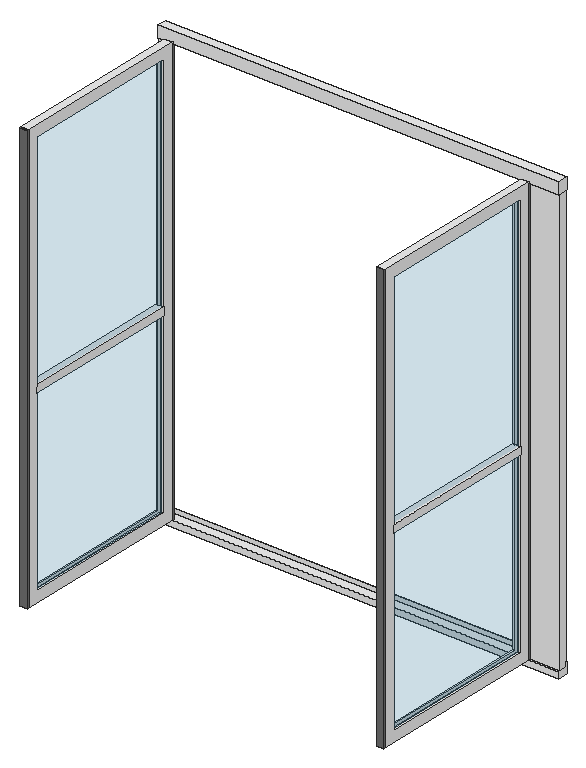
Revit family "Window-NanaWall-HSW-45", category Windows, host Wall, Revit 2013
Parameters (values of type "Window_HSW45_NanaWall")
  Y N Override Stack [instance] = no
  Y N Override Number of Panels [instance] = no
  Warranty URL = "http://www.nanawall.com/support/warranty"
  URL = "http://www.nanawall.com/design/autocad"
  Thickness = 0' - 1 3/8"
  Subcategory = "Folding Window"  # constant formula
  Stack Thickness = 0' - 8 1/4"
  Split Stack Right [instance] = 6
  Split Stack [instance] = no
  Size Comment [instance] = ""
  Size Chart [instance] = "http://www.nanawall.com/products/hsw45/sizes"
  Single Right Stack [instance] = if(and(Y N Override Stack, Left Stack), 1 = 0, if(Right Standard = 1, 1 = 1, if(and(C Split Stack, Split Stack Right = 1), 1 = 1, 1 = 0)))  # yes
  Single Panel [instance] = if(and(Closed, Width < 3' 3 1/16"), 1 = 1, if(Width > 3' 3", 1 = 0, 1 = 0))  # no
  Single Left Stack [instance] = if(and(not(Y N Override Stack), (Left Standard = 1)), 1 = 1, if(and(Y N Override Stack, Left Stack, (Panels = 1)), 1 = 1, (if(and(C Split Stack, Split Stack Right = Panels - 1), 1 = 1, 1 = 0))))  # yes
  Sills Available = "Raised, Low Profile Saddle, Flush"  # constant formula
  Sash = Metal - NanaWall - Aluminum
  Rough Width = Width - (2 * (0' 1 141/256"))  # 5' - 8 115/128"
  Rough Height = Height Constraint - 0' 1 125/128"  # 6' - 6 3/128"
  Right Standard [instance] = roundup(Panels / 2)  # 1
  Right Stack Width [instance] = RS C * Thickness  # 0' - 2 3/4"
  Right Stack [instance] = no
  RS C [instance] = if(RS = 1, 2, if(RS = 0, 2, if(C Split Stack, Split Stack Right, RS)))  # 2
  RS [instance] = if(Not Override Stack, Right Standard, if(C Right Stack, Panels, if(C Left Stack, 2, if(C Split Stack, Split Stack Right, 2))))  # 1
  Product Page URL = "http://www.nanawall.com/products/hsw45"
  Performance URL = "http://www.nanawall.com/products/hsw45/performance"
  Panels [instance] = if(Y N Override Number of Panels, Override Number of Panels, Panel Constraint)  # 2
  Panel Width [instance] = Opening Width / Panels  # 2' - 8.73633"
  Panel Height = Height Constraint - 0' 1 125/128"  # 6' - 6 3/128"
  Panel Constraint [instance] = if(Width < 3' 3", 1, if(Width < 6' 10", 2, if(Width < 9' 2", 3, if(Width < 11' 5", 4, if(Width < 13' 10", 5, if(Width < 16' 0", 6, if(Width < 18' 4", 7, if(Width < 20' 7", 8, if(Width < 22' 10", 10, if(Width < 33' 0", 11, if(Width < 36' 0", 12, if(Width < 39' 0", 13, if(Width < 42' 0", 14, if(Width < 45' 0", 15, if(Width < 48' 0", 16, if(Width < 51' 0", 17, if(Width < 54' 0", 18, if(Width < 57' 0", 19, if(Width < 60' 0", 20, 21)))))))))))))))))))  # 2
  Override Number of Panels [instance] = 4
  Opening Width = Width - (0' 1 45/256" + 0' 5 45/128")  # 5' - 5 121/256"
  Open Right Single [instance] = if(and(Open, Single Right Stack), 1 = 1, 1 = 0)  # yes
  Open Right Multi [instance] = if(and(Open, Multiple Right Stack), 1 = 1, 1 = 0)  # no
  Open Left Single [instance] = if(and(Open, Single Left Stack), 1 = 1, 1 = 0)  # yes
  Open Left Multi [instance] = if(and(Open, Multiple Left Stack), 1 = 1, 1 = 0)  # no
  Open [instance] = yes
  Not Override Stack [instance] = not(Y N Override Stack)  # yes
  NanaWall Configurator = "http://www.nanawall.com/content/select-wizard"
  Multiple Right Stack [instance] = if(Width < 3' 3 1/16", 1 = 0, if(and(Right Standard < 1.5, Not Override Stack), 1 = 0, if(and(Right Standard > 1, Not Override Stack), 1 = 1, (if(and(C Split Stack, Split Stack Right > 1), 1 = 1, if(C Right Stack, 1 = 1, 1 = 0))))))  # no
  Multiple Panel [instance] = if(and(Open, Width > 3' 3 1/16"), 1 = 0, if(and(Closed, Width > 3' 3 1/16"), 1 = 1, if(Width < 3' 3", 1 = 0, 1 = 1)))  # no
  Multiple Left Stack [instance] = if(Left Standard < 1, 1 = 0, if(and(Left Standard > 1, Not Override Stack), 1 = 1, (if(and(C Split Stack, Split Stack Right < Panels - 1), 1 = 1, if(C Left Stack, 1 = 1, 1 = 0)))))  # no
  Model = "HSW45"  # constant formula
  Max Panel Height = if(Panel Height > 10' 2", 10' 2", Panel Height)  # 6' - 6 3/128"
  Material = ""
  Manufacturer Toll Free Phone = "(888) 411-NANA(6262)"  # constant formula
  Manufacturer Phone = "(415) 383-3148"  # constant formula
  Manufacturer Fax = "(415) 383-0312"  # constant formula
  Manufacturer Email = "mailto:info@nanawall.com"
  Manufacturer Address = "100 Meadowcreek Drive #250, Corte Madera, CA 94925"  # constant formula
  Manufacturer = "NanaWall Systems, Inc."  # constant formula
  Left Standard [instance] = rounddown(Panels / 2)  # 1
  Left Stack Width [instance] = LS C * Thickness  # 0' - 2 3/4"
  Left Stack [instance] = no
  LS C [instance] = if(LS = 1, 2, if(LS = 0, 2, if(C Split Stack, Panels - Split Stack Right, LS)))  # 2
  LS [instance] = if(Not Override Stack, Left Standard, if(C Left Stack, Panels, if(C Right Stack, 2, if(C Split Stack, Panels - Split Stack Right, 2))))  # 1
  Installation and Service URL = "http://www.nanawall.com/support/installer"
  Horizontal Mullion Height = 3' - 0"
  Height Constraint = if(Height < 3' 3", 3' 3", if(Height > 10' 2", 10' 2", Height))  # 6' - 8"
  Height = 6' - 8"
  Wall Closure = By host
  Width = 6' - 0"
  Half Panel Width [instance] = Panel Width / 2  # 1' - 4.36816"
  Glazing Options = "http://www.nanawall.com/products/hsw45/glass"
  Glass Material = Glass - NanaWall - Generic
  Filler = Rubber - NanaWall - Black
  Exterior Wall Offset = 0' - 3"
  Engineering Details URL = "http://www.nanawall.com/products/vsw35/component"
  Disclaimer = "Please note that the Revit model is for schematic purposes only.  To obtain a detailed 3D model, please go to the NanaWall's configurator at www.nanawall.com."  # constant formula
  Description = "Standard Aluminum Framed Single Track Sliding System"  # constant formula
  Cost Info = "http://www.nanawall.com/design-wizard"
  Closed [instance] = not(Open)  # no
  Clearance On [instance] = yes
  C Split Stack [instance] = if(and(Y N Override Stack, Split Stack), 1 = 1, if(Right Stack, 1 = 0, if(Left Stack, 1 = 0, 1 = 0)))  # no
  C Right Stack [instance] = if(and(Y N Override Stack, Right Stack), 1 = 1, if(Left Stack, 1 = 0, if(Split Stack, 1 = 0, 1 = 1)))  # yes
  C Panels [instance] = if(Panels < 2, 2, Panels)  # 2
  C Left Stack [instance] = if(and(Y N Override Stack, Left Stack), 1 = 1, if(Right Stack, 1 = 0, if(Split Stack, 1 = 0, 1 = 0)))  # no
  Assembly Code = "B2030110"
  95 CSI = "8411"  # constant formula
  04 CSI = "08 41 13"  # constant formula
Reference planes (in)
  plane 1 "Center (Front/Back)": y = 0
  plane 2 "Center (Left/Right)": x = 0
  plane 3 "Left": x = -36
  plane 4 "Right": x = 36
  plane 5 "Top": z = 80
  plane 6: z = 78.02476
  plane 7 "Top Edge Of Sill": z = 1.16503
  plane 8: z = 40
  plane 9: x = 34.44922
  plane 10: x = 27.89727
  plane 11: y = 0
  plane 12: x = 30.64727
  plane 13: x = -34.8253
  plane 14: y = -0.6875
  plane 15: x = -32.0753
Lines and regions (in)
  Opening 1
    outline origin (-90, -3, 0) x (1, 0, 0) y (0, 0, 1)
      loop
        line (54, 0) -> (126, 0) -> (126, 80) -> (54, 80) -> (54, 0)
  symbolic lines, visible <- "Clearance On"
    curve 1: line (-34.8253, -33.42383, 80) -> (-34.8253, -0.6875, 80)
    curve 2: line (30.64727, -33.42383, 80) -> (-34.8253, -33.42383, 80)
    curve 3: line (30.64727, -0.6875, 80) -> (30.64727, -33.42383, 80)
  symbolic lines
    curve 4: line (-36, 0.74861, 80) -> (36, 0.74861, 80)
    curve 5: line (-36, -0.6875, 80) -> (36, -0.6875, 80)
    curve 6: line (-34.8253, -0.6875, 80) -> (-34.8253, 0.74861, 80)
    curve 7: line (30.64727, -0.6875, 80) -> (30.64727, 0.74861, 80)
Text (in)
  text "Exterior" at (-74.96733, 27.31104, 0), in view "Ref. Level"
  text "Interior" at (-74.96733, -25.14366, 0), in view "Ref. Level"
  text "Exterior" at (0, 40.15149, 123.01588), in view "Right"
  text "Interior" at (0, -64.39139, 123.01588), in view "Right"
  text "Interior" at (0, -31.01599, 123.00693), in view "Left"
  text "Exterior" at (0, 54.57065, 123.00693), in view "Left"
Dimensions and locks (in)
  "Height Constraint": level to plane 5 "Top"
  "Width": plane 3 "Left" to plane 4 "Right"
  equal spacing: plane 3 "Left", plane 2 "Center (Left/Right)", plane 4 "Right"
  locked: level to plane 7 "Top Edge Of Sill" at 1.16503
  locked: plane 6 to plane 5 "Top" at 1.97524
  equal spacing: level, plane 8, plane 5 "Top"
  locked: plane 9 to plane 4 "Right" at 1.55078
  host wall to host wall = 14' - 8"
  plane 9 to plane 4 "Right" = 0' - 1 141/256"
  "Right Stack Width": plane 10 to plane 12
  "Exterior Wall Offset": host wall to plane 11
  group 2 to group 1 = 0' - 1 3/8"
  group 1 to group 2 = 0' - 0"  (x2)
  locked: plane 12 to plane 4 "Right" at 5.35273
  locked: plane 3 "Left" to plane 13 at 1.1747
  group 3 to group 4 = 2' - 8.73625"
  group 3 to group 4 = 0' - 0"  (x2)
  plane 11 to plane 14 = 0' - 0 11/16"
  nested 7 to plane 4 "Right" = 0' - 0"
  locked: nested 1 to plane 11 at 0.03125
  "Left Stack Width": plane 13 to plane 15
  group 5 to group 6 = 0' - 1 3/8"
  group 5 to group 6 = 0' - 0"  (x2)
  group 7 to group 8 = 0' - 1 3/8"
  group 7 to group 8 = 0' - 0"  (x2)
  group 10 to group 9 = 0' - 1 3/8"
  group 9 to group 10 = 0' - 0"
  group 10 to group 9 = 0' - 0"
  "Panel Width": curve 2 to plane 14
  curve 5 to plane 11 to curve 4 = 0' - 0 11/16" locked, 0' - 0.74861" locked
  aligned and locked: plane 3 "Left" to Opening 1 sketch curve
  aligned and locked: plane 5 "Top" to Opening 1 sketch curve  (x2)
  aligned and locked: Opening 1 sketch curve to plane 4 "Right"
  aligned and locked: Opening 1 sketch curve to level
  aligned and locked: plane 13 to nested 3
  aligned and locked: nested 5 to plane 12
  aligned and locked: nested 3 to plane 11
  aligned and locked: plane 3 "Left" to nested 6
  aligned and locked: plane 11 to nested 6
  aligned and locked: plane 4 "Right" to nested 7
  aligned and locked: nested 2 to plane 14
  aligned and locked: nested 4 to plane 14
  aligned and locked: plane 5 "Top" to nested 1
  aligned and locked: nested 7 to plane 11
  aligned and locked: nested 5 to plane 11
  aligned and locked: nested 4 to plane 10
  aligned and locked: nested 2 to plane 12
  aligned and locked: nested 8 to plane 14
  aligned and locked: plane 13 to nested 8
  aligned and locked: nested 9 to plane 15
  aligned and locked: nested 9 to plane 14
  aligned and locked: nested 11 to plane 14
  aligned and locked: plane 13 to nested 11
  aligned and locked: nested 10 to plane 14
  aligned and locked: nested 10 to plane 12
  aligned and locked: plane 14 to nested 12
  aligned and locked: nested 12 to plane 13
  aligned and locked: nested 16 to plane 15
  aligned and locked: plane 14 to nested 16
  aligned and locked: plane 14 to nested 14
  aligned and locked: nested 14 to plane 13
  aligned and locked: plane 14 to nested 13
  aligned and locked: nested 13 to plane 12
  aligned and locked: plane 10 to nested 17
  aligned and locked: plane 14 to nested 17
  aligned and locked: plane 14 to nested 15
  aligned and locked: nested 15 to plane 12
  aligned and locked: curve 1 to plane 13
  aligned and locked: plane 12 to curve 3
  aligned and locked: nested 18 to plane 13
  aligned and locked: nested 18 to plane 11
  aligned and locked: plane 3 "Left" to curve 4
  aligned and locked: plane 4 "Right" to curve 4
  aligned and locked: plane 4 "Right" to curve 5
  aligned and locked: nested 1 to curve 5
  aligned and locked: plane 15 to nested 9
  aligned and locked: nested 11 to plane 13
  aligned and locked: nested 6 to plane 7 "Top Edge Of Sill"
  aligned and locked: plane 7 "Top Edge Of Sill" to nested 7
  aligned and locked: nested 14 to plane 7 "Top Edge Of Sill"
  aligned and locked: nested 12 to plane 7 "Top Edge Of Sill"
  aligned and locked: nested 16 to plane 7 "Top Edge Of Sill"
  aligned and locked: nested 18 to plane 7 "Top Edge Of Sill"
  aligned and locked: nested 3 to plane 7 "Top Edge Of Sill"
  aligned and locked: nested 15 to plane 7 "Top Edge Of Sill"
  aligned and locked: nested 17 to plane 7 "Top Edge Of Sill"
  aligned and locked: nested 13 to plane 7 "Top Edge Of Sill"
Automatic sketch dimensions
  curve 7 to plane 12 = 0' - 0"
  curve 6 to plane 13 = 0' - 0"
Nested families (in)
  nested 1: "Header_VSW 35" at (7.30207, 0.03125, 0), type "Header_VSW 35"
    with Width 6' - 0"
  nested 2: "DetailItem_Panel" at (29.9145, -15.3955, 0), visible <- "Multiple Right Stack", type "DetailItem_Panel"
    with Panel Thickness 0' - 1 3/8", Panel Width 2' - 8.73633"
  nested 3: "Sash_VSW 35" at (-18.46948, 7.70117, 0.32881), visible <- "Multiple Panel", type "Sash_VSW 35"
  nested 4: "DetailItem_Panel" at (28.5395, -15.3955, 0), visible <- "Multiple Right Stack", type "DetailItem_Panel"
    with Panel Thickness 0' - 1 3/8", Panel Width 2' - 8.73633"
  nested 5: "Sash_VSW 35" at (14.26676, 7.70117, 0.32881), visible <- "Multiple Panel", type "Sash_VSW 35"
  nested 6: "Left-Jamb_VSW 35" at (-32.73117, 0, 0.18847) x (-1, 0, 0) z (0, 0, 1), type "Left-Jamb_VSW 35"
    with Height 6' - 6 3/128"
  nested 7: "Right-Jamb_VSW 35" at (0, 5.59752, 0.18847), type "Right-Jamb_VSW 35"
    with Width 6' - 0", Height 6' - 6 3/128"
  nested 8: "DetailItem_Panel" at (-34.18308, -15.3955, 0), visible <- "Multiple Left Stack", type "DetailItem_Panel"
    with Panel Thickness 0' - 1 3/8", Panel Width 2' - 8.73633"
  nested 9: "DetailItem_Panel" at (-32.80808, -15.3955, 0), visible <- "Multiple Left Stack", type "DetailItem_Panel"
    with Panel Thickness 0' - 1 3/8", Panel Width 2' - 8.73633"
  nested 10: "DetailItem_Panel" at (29.9145, -15.3955, 0), visible <- "Single Right Stack", type "DetailItem_Panel"
    with Panel Thickness 0' - 1 3/8", Panel Width 2' - 8.73633"
  nested 11: "DetailItem_Panel" at (-34.18308, -15.3955, 0), visible <- "Single Left Stack", type "DetailItem_Panel"
    with Panel Thickness 0' - 1 3/8", Panel Width 2' - 8.73633"
  nested 12: "Sash_VSW 35" at (-26.43663, -17.04332, 0.32881) x (0, -1, 0) z (0, 0, 1), visible <- "Open Left Multi", type "Sash_VSW 35"
  nested 13: "Sash_VSW 35" at (37.66095, -17.04332, 0.32881) x (0, -1, 0) z (0, 0, 1), visible <- "Open Right Multi", type "Sash_VSW 35"
  nested 14: "Sash_VSW 35" at (-26.43663, -17.04332, 0.32881) x (0, -1, 0) z (0, 0, 1), visible <- "Open Left Single", type "Sash_VSW 35"
  nested 15: "Sash_VSW 35" at (37.66095, -17.04332, 0.32881) x (0, -1, 0) z (0, 0, 1), visible <- "Open Right Single", type "Sash_VSW 35"
  nested 16: "Sash_VSW 35" at (-25.06163, -17.04332, 0.32881) x (0, -1, 0) z (0, 0, 1), visible <- "Open Left Multi", type "Sash_VSW 35"
  nested 17: "Sash_VSW 35" at (36.28595, -17.04332, 0.32881) x (0, -1, 0) z (0, 0, 1), visible <- "Open Right Multi", type "Sash_VSW 35"
  nested 18: "Sash_VSW 35" at (-2.10132, 7.70117, 0.32881), visible <- "Single Panel", type "Sash_VSW 35 Full"
Definition of nested family "Header_VSW 35"
  Parameters (values of type "Header_VSW 35")
    half = yes
    Width = 7' - 6"
    Sill = Metal - NanaWall - Aluminum
    Height = 6' - 8"
    Header = Metal - NanaWall - Aluminum
    Assembly Code = ""
  Reference planes (in)
    plane 1 "Center (Front/Back)": y = 0
    plane 2: z = 0
    plane 3 "Center (Left/Right)": x = -7.30207
    plane 4 "Left": x = -52.30207
    plane 5 "Right": x = 37.69793
    plane 6 "Top": z = 80
  Forms (in)
    Extrusion 1, solid, material "Metal - NanaWall - Aluminum" <- "Header"
      sketch origin (-7.30207, 0, 0) x (0, 1, 0) y (0, 0, 1)
        loop
          line (-0.84971, 80) -> (-0.84971, 78.02476) -> (0.92801, 78.02476) -> (0.92801, 80) -> (-0.84971, 80)
      from -45 to 45
  Dimensions and locks (in)
    equal spacing: plane 4 "Left", plane 3 "Center (Left/Right)", plane 5 "Right"
    "Width": plane 4 "Left" to plane 5 "Right"
    "Height": plane 6 "Top" to level
    aligned: nested 1 to plane 6 "Top"
    aligned and locked: Extrusion 1 to plane 4 "Left"
    aligned and locked: plane 5 "Right" to Extrusion 1
    aligned and locked: nested 1 to plane 6 "Top"
    aligned and locked: plane 3 "Center (Left/Right)" to nested 2
  Automatic sketch dimensions
    plane 1 "Center (Front/Back)" to Extrusion 1 sketch curve = 0' - 0.84971"
    Extrusion 1 sketch curve to plane 6 "Top" = 0' - 1.97524"
    Extrusion 1 sketch curve to plane 1 "Center (Front/Back)" = 0' - 0.92801"
    Extrusion 1 sketch curve to plane 6 "Top" = 0' - 0"
  Nested families (in)
    nested 1: "Head_WD66" at (-52.30207, 0.03125, 80) x (0, 1, 0) z (1, 0, 0), type "Head_WD66", detail levels fine
    nested 2: "Sill_WD-66" at (0, 0.03125, 0), type "Sill_WD-66"
      with Width 7' - 6"
  Definition of nested family "Sill_WD-66"
    Parameters (values of type "Sill_WD-66")
      Width = 8' - 0"
      Sill = Metal - NanaWall - Aluminum
      Height = 0' - 0"
      Half = yes
      Assembly Code = ""
    Reference planes (in)
      plane 1 "Center (Front/Back)": y = 0
      plane 2: z = 0
      plane 3 "Center (Left/Right)": x = -7.30207
      plane 4 "Left": x = -55.30207
      plane 5 "Right": x = 40.69793
      plane 6 "Top": z = 0
      plane 7: y = -0.6875
      plane 8: y = 0.6875
    Forms (in)
      Extrusion 1, solid, material "Metal - NanaWall - Aluminum" <- "Sill"
        sketch origin (-7.30207, 0, 0) x (0, 1, 0) y (0, 0, 1)
          loop
            line (-0.86528, 0) -> (0.88472, 0) -> (0.88472, 1.16503) -> (-0.74861, 1.16503) -> (-0.74861, 1.94396) -> (-0.86528, 1.94396) -> (-0.86528, 0)
        from -48 to 48
    Dimensions and locks (in)
      equal spacing: plane 4 "Left", plane 3 "Center (Left/Right)", plane 5 "Right"
      "Width": plane 4 "Left" to plane 5 "Right"
      "Height": plane 6 "Top" to level
      aligned and locked: nested 1 to plane 1 "Center (Front/Back)"
      aligned and locked: nested 1 to level
      aligned and locked: Extrusion 1 to plane 4 "Left"
      aligned and locked: plane 5 "Right" to Extrusion 1
    Automatic sketch dimensions
      Extrusion 1 sketch curve to level = 0' - 0"
      plane 1 "Center (Front/Back)" to Extrusion 1 sketch curve = 0' - 0.86528"
      Extrusion 1 sketch curve to Extrusion 1 sketch curve = 0' - 0.11667"
      Extrusion 1 sketch curve to plane 1 "Center (Front/Back)" = 0' - 0.88472"
      level to Extrusion 1 sketch curve = 0' - 1.16503"
      Extrusion 1 sketch curve to Extrusion 1 sketch curve = 0' - 0.77893"
    Nested families (in)
      nested 1: "Sill_WD66" at (-55.30207, 0, 0) x (0, 1, 0) z (1, 0, 0), type "Head_WD66", detail levels fine
    Definition of nested family "Sill_WD66"
      Parameters (values of type "Head_WD66")
        SmartBIM Object Version = 1  # constant formula
        SmartBIM Object Created By = "Reed Construction Data"  # constant formula
        Half = yes
        Assembly Code = ""
        95 CSI = ""
        04 CSI = ""
      Reference planes (in)
        plane 1 "Center (Front/Back)": y = 0
        plane 2: z = 0
        plane 3 "Center (Left/Right)": x = 0
      Lines and regions (in)
        detail lines, in view "Ref. Level"
          curve 1: line (74.99091, 77.11953, 0) -> (99.99091, 77.11953, 0)
        model lines, style "0", in view "Ref. Level"
          curve 2: arc (-0.41806, 1.43111, 0) -> (-0.40894, 1.40911, 0) -> (-0.38694, 1.4, 0) r 0.03111
          curve 3: arc (-0.38889, 1.43889, 0) -> (-0.31612, 1.46678, 0) -> (-0.28062, 1.53615, 0) r 0.10889
          curve 4: arc (-0.22916, 1.78267, 0) -> (-0.26099, 1.66068, 0) -> (-0.28062, 1.53615, 0) r 1.27556
          curve 5: arc (-0.20869, 1.82, 0) -> (-0.22077, 1.80234, 0) -> (-0.22916, 1.78267, 0) r 0.10889
          curve 6: arc (0.2486, 1.78267, 0) -> (0.24021, 1.80234, 0) -> (0.22813, 1.82, 0) r 0.10889
          curve 7: arc (0.30007, 1.53615, 0) -> (0.28043, 1.66068, 0) -> (0.2486, 1.78267, 0) r 1.27556
          curve 8: arc (0.30007, 1.53615, 0) -> (0.33556, 1.46678, 0) -> (0.40833, 1.43889, 0) r 0.10889
          curve 9: arc (0.40639, 1.4, 0) -> (0.42839, 1.40911, 0) -> (0.4375, 1.43111, 0) r 0.03111
          curve 10: line (-0.14583, 1.4, 0) -> (-0.14583, 1.38056, 0)
          curve 11: line (0.02993, 1.75, 0) -> (0.00972, 1.73833, 0)
          curve 12: line (0.00972, 1.73833, 0) -> (-0.01049, 1.75, 0)
          curve 13: line (-0.01049, 1.75, 0) -> (0.02993, 1.75, 0)
          curve 14: line (-0.18472, 1.75, 0) -> (-0.18472, 1.83299, 0)
          curve 15: line (-0.18472, 1.83299, 0) -> (0.20417, 1.83299, 0)
          curve 16: line (0.20417, 1.83299, 0) -> (0.14583, 1.86667, 0)
          curve 17: line (0.14583, 1.86667, 0) -> (-0.12639, 1.86667, 0)
          curve 18: line (-0.12639, 1.86667, 0) -> (-0.18472, 1.83299, 0)
          curve 19: line (0.16528, 1.4, 0) -> (0.16528, 1.38056, 0)
          curve 20: line (0.20417, 1.83299, 0) -> (0.20417, 1.75, 0)
          curve 21: line (-0.38694, 1.4, 0) -> (-0.01049, 1.4, 0)
          curve 22: line (-0.01049, 1.4, 0) -> (0.02993, 1.4, 0)
          curve 23: line (0.02993, 1.4, 0) -> (-0.01049, 1.4, 0)
          curve 24: line (-0.01049, 1.4, 0) -> (0.00972, 1.41167, 0)
          curve 25: line (0.00972, 1.41167, 0) -> (0.02993, 1.4, 0)
          curve 26: line (0.02993, 1.4, 0) -> (0.40639, 1.4, 0)
          curve 27: line (-0.41806, 1.43889, 0) -> (-0.41806, 1.43111, 0)
          curve 28: line (0.42346, 1.43889, 0) -> (0.40833, 1.43889, 0)
          curve 29: line (-0.20869, 1.82, 0) -> (-0.18861, 1.82, 0)
          curve 30: line (-0.18861, 1.82, 0) -> (-0.18861, 1.75, 0)
          curve 31: line (-0.18861, 1.75, 0) -> (-0.01049, 1.75, 0)
          curve 32: line (-0.01049, 1.75, 0) -> (0.02993, 1.75, 0)
          curve 33: line (0.02993, 1.75, 0) -> (0.20806, 1.75, 0)
          curve 34: line (0.20806, 1.75, 0) -> (0.20806, 1.82, 0)
          curve 35: line (0.20806, 1.82, 0) -> (0.22813, 1.82, 0)
          curve 36: line (0.4375, 1.43111, 0) -> (0.4375, 1.43889, 0)
          curve 37: line (-0.27222, 1.38056, 0) -> (-0.27222, 0.75833, 0)
          curve 38: line (-0.27222, 0.75833, 0) -> (0.29167, 0.75833, 0)
          curve 39: line (0.29167, 0.75833, 0) -> (0.29167, 1.38056, 0)
          curve 40: line (0.29167, 1.38056, 0) -> (-0.27222, 1.38056, 0)
          curve 41: arc (-0.79917, 0.105, 0) -> (-0.78778, 0.0775, 0) -> (-0.76028, 0.06611, 0) r 0.03889
          curve 42: arc (-0.76716, 0.21081, 0) -> (-0.79011, 0.19748, 0) -> (-0.79917, 0.17253, 0) r 0.03889
          curve 43: arc (-0.19639, 0.06611, 0) -> (-0.16889, 0.0775, 0) -> (-0.1575, 0.105, 0) r 0.03889
          curve 44: arc (-0.1575, 0.27395, 0) -> (-0.17144, 0.30378, 0) -> (-0.20327, 0.31223, 0) r 0.03889
          curve 45: arc (-0.30139, 0.7, 0) -> (-0.28764, 0.7057, 0) -> (-0.28194, 0.71944, 0) r 0.01944
          curve 46: arc (-0.34806, 0.71944, 0) -> (-0.34236, 0.7057, 0) -> (-0.32861, 0.7, 0) r 0.01944
          curve 47: arc (-0.79917, 1.28333, 0) -> (-0.765, 1.20084, 0) -> (-0.6825, 1.16667, 0) r 0.11667
          curve 48: arc (-0.76028, 1.10056, 0) -> (-0.78778, 1.08917, 0) -> (-0.79917, 1.06167, 0) r 0.03889
          curve 49: arc (-0.75922, 1.94396, 0) -> (-0.83478, 1.90643, 0) -> (-0.86528, 1.82778, 0) r 0.11667
          curve 50: arc (-0.74861, 1.93428, 0) -> (-0.75178, 1.94146, 0) -> (-0.75922, 1.94396, 0) r 0.00972
          curve 51: arc (-0.34806, 1.06167, 0) -> (-0.35945, 1.08917, 0) -> (-0.38694, 1.10056, 0) r 0.03889
          curve 52: arc (-0.28194, 1.05, 0) -> (-0.31612, 1.1325, 0) -> (-0.39861, 1.16667, 0) r 0.11667
          curve 53: arc (0.52306, 0.64882, 0) -> (0.56846, 0.55644, 0) -> (0.66934, 0.53598, 0) r 0.11667
          curve 54: arc (0.17694, 0.105, 0) -> (0.18833, 0.0775, 0) -> (0.21583, 0.06611, 0) r 0.03889
          curve 55: arc (0.20895, 0.38637, 0) -> (0.186, 0.37304, 0) -> (0.17694, 0.34809, 0) r 0.03889
          curve 56: arc (0.42494, 0.49239, 0) -> (0.44789, 0.50571, 0) -> (0.45694, 0.53066, 0) r 0.03889
          curve 57: arc (0.3675, 0.805, 0) -> (0.37889, 0.7775, 0) -> (0.40639, 0.76611, 0) r 0.03889
          curve 58: arc (0.30139, 0.71944, 0) -> (0.30708, 0.7057, 0) -> (0.32083, 0.7, 0) r 0.01944
          curve 59: arc (0.45694, 0.66111, 0) -> (0.44555, 0.68861, 0) -> (0.41806, 0.7, 0) r 0.03889
          curve 60: arc (0.52306, 0.72722, 0) -> (0.51167, 0.75472, 0) -> (0.48417, 0.76611, 0) r 0.03889
          curve 61: arc (0.77972, 0.06611, 0) -> (0.80722, 0.0775, 0) -> (0.81861, 0.105, 0) r 0.03889
          curve 62: arc (0.7226, 0.54592, 0) -> (0.79144, 0.58591, 0) -> (0.81861, 0.66074, 0) r 0.11667
          curve 63: arc (0.67831, 0.53796, 0) -> (0.67381, 0.53705, 0) -> (0.66934, 0.53598, 0) r 0.11667
          curve 64: arc (0.81861, 0.44951, 0) -> (0.80467, 0.47934, 0) -> (0.77284, 0.48779, 0) r 0.03889
          curve 65: arc (0.41806, 1.16667, 0) -> (0.33556, 1.1325, 0) -> (0.30139, 1.05, 0) r 0.11667
          curve 66: arc (0.40639, 1.08889, 0) -> (0.37889, 1.0775, 0) -> (0.3675, 1.05, 0) r 0.03889
          curve 67: arc (0.88472, 1.05, 0) -> (0.85716, 1.12531, 0) -> (0.7875, 1.16503, 0) r 0.11667
          curve 68: arc (0.81861, 1.05, 0) -> (0.80985, 1.0746, 0) -> (0.7875, 1.0881, 0) r 0.03889
          curve 69: line (0.55454, 1.48556, 0) -> (0.56402, 1.16712, 0)
          curve 70: line (0.50398, 1.48556, 0) -> (0.50398, 1.16667, 0)
          curve 71: line (0.52343, 1.48556, 0) -> (0.53299, 1.16712, 0)
          curve 72: line (0.48454, 1.48556, 0) -> (0.47498, 1.16667, 0)
          curve 73: line (0.45343, 1.48556, 0) -> (0.44378, 1.16667, 0)
          curve 74: line (0.41065, 1.48556, 0) -> (0.41065, 1.51667, 0)
          curve 75: line (0.41065, 1.51667, 0) -> (0.59732, 1.51667, 0)
          curve 76: line (0.59732, 1.51667, 0) -> (0.59732, 1.48556, 0)
          curve 77: line (0.59732, 1.48556, 0) -> (0.41065, 1.48556, 0)
          curve 78: line (-0.77583, 1.85306, 0) -> (-0.77583, 1.66639, 0)
          curve 79: line (-0.77583, 1.66639, 0) -> (-0.81472, 1.66639, 0)
          curve 80: line (-0.81472, 1.66639, 0) -> (-0.81472, 1.85306, 0)
          curve 81: line (-0.81472, 1.85306, 0) -> (-0.77583, 1.85306, 0)
          curve 82: line (-0.65917, 1.75972, 0) -> (-0.77583, 1.75972, 0)
          curve 83: line (-0.77583, 1.75972, 0) -> (-0.65917, 1.73915, 0)
          curve 84: line (-0.77583, 1.72023, 0) -> (-0.65917, 1.69966, 0)
          curve 85: line (-0.77583, 1.73998, 0) -> (-0.65917, 1.71941, 0)
          curve 86: line (-0.77583, 1.75972, 0) -> (-0.65917, 1.78029, 0)
          curve 87: line (-0.77583, 1.77947, 0) -> (-0.65917, 1.80004, 0)
          curve 88: line (-0.77583, 1.79921, 0) -> (-0.65917, 1.81978, 0)
          curve 89: line (-0.79917, 0.31345, 0) -> (-0.86528, 0.31345, 0)
          curve 90: line (-0.79917, 0.49866, 0) -> (-0.86528, 0.49866, 0)
          curve 91: line (-0.28194, 1.05, 0) -> (-0.28194, 0.71944, 0)
          curve 92: line (-0.34806, 1.06167, 0) -> (-0.34806, 0.71944, 0)
          curve 93: line (-0.76028, 0.06611, 0) -> (-0.67083, 0.06611, 0)
          curve 94: line (-0.67083, 0.06611, 0) -> (-0.68855, 0, 0)
          curve 95: line (-0.68855, 0, 0) -> (-0.86528, 0, 0)
          curve 96: line (-0.86528, 0, 0) -> (-0.86528, 1.82778, 0)
          curve 97: line (-0.20327, 0.31223, 0) -> (-0.76716, 0.21081, 0)
          curve 98: line (-0.79917, 0.17253, 0) -> (-0.79917, 0.105, 0)
          curve 99: line (-0.1575, 0.105, 0) -> (-0.1575, 0.27395, 0)
          curve 100: line (-0.06611, 0.32667, 0) -> (-0.06611, 0.30711, 0)
          curve 101: line (-0.06611, 0.30711, 0) -> (-0.09139, 0.29556, 0)
          curve 102: line (-0.09139, 0.29556, 0) -> (-0.05736, 0.28, 0)
          curve 103: line (-0.05736, 0.28, 0) -> (-0.09139, 0.26444, 0)
          curve 104: line (-0.09139, 0.26444, 0) -> (-0.05736, 0.24889, 0)
          curve 105: line (-0.05736, 0.24889, 0) -> (-0.09139, 0.23333, 0)
          curve 106: line (-0.09139, 0.23333, 0) -> (-0.05736, 0.21778, 0)
          curve 107: line (-0.05736, 0.21778, 0) -> (-0.09139, 0.20222, 0)
          curve 108: line (-0.09139, 0.20222, 0) -> (-0.05736, 0.18667, 0)
          curve 109: line (-0.05736, 0.18667, 0) -> (-0.09139, 0.17111, 0)
          curve 110: line (-0.09139, 0.17111, 0) -> (-0.05736, 0.15556, 0)
          curve 111: line (-0.05736, 0.15556, 0) -> (-0.09139, 0.14, 0)
          curve 112: line (-0.09139, 0.14, 0) -> (-0.05736, 0.12444, 0)
          curve 113: line (-0.05736, 0.12444, 0) -> (-0.09139, 0.10889, 0)
          curve 114: line (-0.09139, 0.10889, 0) -> (-0.05736, 0.09333, 0)
          curve 115: line (-0.05736, 0.09333, 0) -> (-0.09139, 0.07778, 0)
          curve 116: line (-0.09139, 0.07778, 0) -> (-0.05736, 0.06222, 0)
          curve 117: line (-0.05736, 0.06222, 0) -> (-0.09139, 0.04667, 0)
          curve 118: line (-0.09139, 0.04667, 0) -> (-0.05736, 0.03111, 0)
          curve 119: line (-0.05736, 0.03111, 0) -> (-0.09139, 0.01556, 0)
          curve 120: line (-0.09139, 0.01556, 0) -> (-0.09139, 0, 0)
          curve 121: line (-0.09139, 0, 0) -> (-0.36145, 0, 0)
          curve 122: line (-0.36145, 0, 0) -> (-0.37917, 0.06611, 0)
          curve 123: line (-0.37917, 0.06611, 0) -> (-0.19639, 0.06611, 0)
          curve 124: line (-0.32861, 0.7, 0) -> (-0.30139, 0.7, 0)
          curve 125: line (-0.6825, 1.16667, 0) -> (-0.39861, 1.16667, 0)
          curve 126: line (-0.76028, 1.10056, 0) -> (-0.38694, 1.10056, 0)
          curve 127: line (-0.79917, 1.28333, 0) -> (-0.79917, 1.61389, 0)
          curve 128: line (-0.79917, 1.61389, 0) -> (-0.74861, 1.61389, 0)
          curve 129: line (-0.74861, 1.61389, 0) -> (-0.74861, 1.69944, 0)
          curve 130: line (-0.74861, 1.69944, 0) -> (-0.77583, 1.69944, 0)
          curve 131: line (-0.77583, 1.69944, 0) -> (-0.77583, 1.65278, 0)
          curve 132: line (-0.77583, 1.65278, 0) -> (-0.82639, 1.65278, 0)
          curve 133: line (-0.82639, 1.65278, 0) -> (-0.82639, 1.86667, 0)
          curve 134: line (-0.82639, 1.86667, 0) -> (-0.77583, 1.86667, 0)
          curve 135: line (-0.77583, 1.86667, 0) -> (-0.77583, 1.82, 0)
          curve 136: line (-0.77583, 1.82, 0) -> (-0.74861, 1.82, 0)
          curve 137: line (-0.74861, 1.82, 0) -> (-0.74861, 1.93428, 0)
          curve 138: line (0.30139, 1.05, 0) -> (0.30139, 0.71944, 0)
          curve 139: line (0.81861, 1.05, 0) -> (0.81861, 0.66074, 0)
          curve 140: line (0.3675, 1.05, 0) -> (0.3675, 0.805, 0)
          curve 141: line (0.77284, 0.48779, 0) -> (0.20895, 0.38637, 0)
          curve 142: line (0.17694, 0.105, 0) -> (0.17694, 0.34809, 0)
          curve 143: line (0.21583, 0.06611, 0) -> (0.39861, 0.06611, 0)
          curve 144: line (0.39861, 0.06611, 0) -> (0.3809, 0, 0)
          curve 145: line (0.3809, 0, 0) -> (0.11083, 0, 0)
          curve 146: line (0.11083, 0, 0) -> (0.07681, 0.01556, 0)
          curve 147: line (0.07681, 0.01556, 0) -> (0.11083, 0.03111, 0)
          curve 148: line (0.11083, 0.03111, 0) -> (0.07681, 0.04667, 0)
          curve 149: line (0.07681, 0.04667, 0) -> (0.11083, 0.06222, 0)
          curve 150: line (0.11083, 0.06222, 0) -> (0.07681, 0.07778, 0)
          curve 151: line (0.07681, 0.07778, 0) -> (0.11083, 0.09333, 0)
          curve 152: line (0.11083, 0.09333, 0) -> (0.07681, 0.10889, 0)
          curve 153: line (0.07681, 0.10889, 0) -> (0.11083, 0.12444, 0)
          curve 154: line (0.11083, 0.12444, 0) -> (0.07681, 0.14, 0)
          curve 155: line (0.07681, 0.14, 0) -> (0.11083, 0.15556, 0)
          curve 156: line (0.11083, 0.15556, 0) -> (0.07681, 0.17111, 0)
          curve 157: line (0.07681, 0.17111, 0) -> (0.11083, 0.18667, 0)
          curve 158: line (0.11083, 0.18667, 0) -> (0.07681, 0.20222, 0)
          curve 159: line (0.07681, 0.20222, 0) -> (0.11083, 0.21778, 0)
          curve 160: line (0.11083, 0.21778, 0) -> (0.07681, 0.23333, 0)
          curve 161: line (0.07681, 0.23333, 0) -> (0.11083, 0.24889, 0)
          curve 162: line (0.11083, 0.24889, 0) -> (0.07681, 0.26444, 0)
          curve 163: line (0.07681, 0.26444, 0) -> (0.11083, 0.28, 0)
          curve 164: line (0.42494, 0.49239, 0) -> (0.03343, 0.42197, 0)
          curve 165: line (0.03343, 0.42197, 0) -> (0.00972, 0.39826, 0)
          curve 166: line (0.00972, 0.39826, 0) -> (-0.00676, 0.41474, 0)
          curve 167: line (-0.00676, 0.41474, 0) -> (-0.79917, 0.27222, 0)
          curve 168: line (-0.79917, 0.27222, 0) -> (-0.79917, 1.06167, 0)
          curve 169: line (0.11083, 0.28, 0) -> (0.07681, 0.29556, 0)
          curve 170: line (0.07681, 0.29556, 0) -> (0.11083, 0.31111, 0)
          curve 171: line (0.11083, 0.31111, 0) -> (0.08556, 0.32267, 0)
          curve 172: line (0.08556, 0.32667, 0) -> (0.0175, 0.32667, 0)
          curve 173: line (0.0175, 0.32667, 0) -> (0.00972, 0.33444, 0)
          curve 174: line (0.00972, 0.33444, 0) -> (0.00194, 0.32667, 0)
          curve 175: line (0.00194, 0.32667, 0) -> (-0.06611, 0.32667, 0)
          curve 176: line (0.45694, 0.66111, 0) -> (0.45694, 0.53066, 0)
          curve 177: line (0.32083, 0.7, 0) -> (0.41806, 0.7, 0)
          curve 178: line (0.52306, 0.72722, 0) -> (0.52306, 0.64882, 0)
          curve 179: line (0.40639, 0.76611, 0) -> (0.48417, 0.76611, 0)
          curve 180: line (0.81861, 0.44951, 0) -> (0.81861, 0.105, 0)
          curve 181: line (0.88472, 1.05, 0) -> (0.88472, 0, 0)
          curve 182: line (0.88472, 0, 0) -> (0.70799, 0, 0)
          curve 183: line (0.70799, 0, 0) -> (0.69028, 0.06611, 0)
          curve 184: line (0.69028, 0.06611, 0) -> (0.77972, 0.06611, 0)
          curve 185: line (0.7226, 0.54592, 0) -> (0.67831, 0.53796, 0)
          curve 186: line (0.40639, 1.08889, 0) -> (0.51528, 1.08889, 0)
          curve 187: line (0.51528, 1.08889, 0) -> (0.51528, 1.16667, 0)
          curve 188: line (0.51528, 1.16667, 0) -> (0.41806, 1.16667, 0)
          curve 189: line (0.7875, 1.16503, 0) -> (0.7875, 1.0881, 0)
          curve 190: line (0.6875, 3.34444, 0) -> (0.6875, 2.56667, 0)
          curve 191: line (0.6875, 2.56667, 0) -> (0.6875, 3.34444, 0)
          curve 192: line (0.6875, 3.34444, 0) -> (0.6875, 2.56667, 0)
          curve 193: line (0.6875, 2.56667, 0) -> (0.6875, 3.37639, 0)
          curve 194: line (-0.595, 2.76111, 0) -> (0.41611, 2.56667, 0)
          curve 195: line (0.41611, 2.56667, 0) -> (-0.595, 2.56667, 0)
          curve 196: line (-0.595, 2.76111, 0) -> (0.41611, 2.76111, 0)
          curve 197: line (0.41611, 2.76111, 0) -> (-0.595, 2.56667, 0)
          curve 198: line (0.41611, 2.56667, 0) -> (0.41611, 2.76111, 0)
          curve 199: line (0.61444, 2.54722, 0) -> (0.61444, 3.29, 0)
          curve 200: arc (-0.12612, 1.86667, 0) -> (-0.19529, 1.84395, 0) -> (-0.23752, 1.78464, 0) r 0.11667
          curve 201: arc (-0.12612, 1.925, 0) -> (-0.22987, 1.89092, 0) -> (-0.29322, 1.80196, 0) r 0.175
          curve 202: arc (-0.25083, 2.56667, 0) -> (-0.29208, 2.54958, 0) -> (-0.30917, 2.50833, 0) r 0.05833
          curve 203: arc (-0.23139, 2.50056, 0) -> (-0.24514, 2.49486, 0) -> (-0.25083, 2.48111, 0) r 0.01944
          curve 204: arc (-0.34806, 2.275, 0) -> (-0.32056, 2.28639, 0) -> (-0.30917, 2.31389, 0) r 0.03889
          curve 205: arc (-0.34806, 2.21667, 0) -> (-0.27931, 2.24514, 0) -> (-0.25083, 2.31389, 0) r 0.09722
          curve 206: arc (-0.23752, 1.78464, 0) -> (-0.26857, 1.66488, 0) -> (-0.28806, 1.5427, 0) r 1.29539
          curve 207: arc (-0.385, 1.48556, 0) -> (-0.3795, 1.48783, 0) -> (-0.37722, 1.49333, 0) r 0.00778
          curve 208: arc (-0.29322, 1.80196, 0) -> (-0.32082, 1.69913, 0) -> (-0.34024, 1.59444, 0) r 1.35372
          curve 209: arc (-0.40402, 1.43889, 0) -> (-0.3262, 1.46863, 0) -> (-0.28806, 1.5427, 0) r 0.11667
          curve 210: arc (0.43167, 2.36056, 0) -> (0.41792, 2.35486, 0) -> (0.41222, 2.34111, 0) r 0.01944
          curve 211: arc (0.46278, 2.50833, 0) -> (0.44569, 2.54958, 0) -> (0.40444, 2.56667, 0) r 0.05833
          curve 212: arc (0.41222, 2.31389, 0) -> (0.42361, 2.28639, 0) -> (0.45111, 2.275, 0) r 0.03889
          curve 213: arc (0.35389, 2.31389, 0) -> (0.38236, 2.24514, 0) -> (0.45111, 2.21667, 0) r 0.09722
          curve 214: arc (0.3075, 1.5427, 0) -> (0.34564, 1.46863, 0) -> (0.42346, 1.43889, 0) r 0.11667
          curve 215: arc (0.40444, 2.48111, 0) -> (0.39875, 2.49486, 0) -> (0.385, 2.50056, 0) r 0.01944
          curve 216: arc (0.385, 2.41889, 0) -> (0.39875, 2.42458, 0) -> (0.40444, 2.43833, 0) r 0.01944
          curve 217: arc (0.29361, 2.41889, 0) -> (0.27986, 2.41319, 0) -> (0.27417, 2.39944, 0) r 0.01944
          curve 218: arc (0.39667, 1.49333, 0) -> (0.39894, 1.48783, 0) -> (0.40444, 1.48556, 0) r 0.00778
          curve 219: arc (0.35968, 1.59444, 0) -> (0.34026, 1.69913, 0) -> (0.31267, 1.80196, 0) r 1.35372
          curve 220: arc (0.25697, 1.78464, 0) -> (0.21484, 1.84387, 0) -> (0.14583, 1.86667, 0) r 0.11667
          curve 221: arc (0.3075, 1.5427, 0) -> (0.28802, 1.66488, 0) -> (0.25697, 1.78464, 0) r 1.29539
          curve 222: arc (0.31267, 1.80196, 0) -> (0.24932, 1.89092, 0) -> (0.14556, 1.925, 0) r 0.175
          curve 223: arc (0.44333, 2.36056, 0) -> (0.45708, 2.36625, 0) -> (0.46278, 2.38, 0) r 0.01944
          curve 224: arc (0.62222, 2.24438, 0) -> (0.61066, 2.26215, 0) -> (0.58972, 2.25879, 0) r 0.01944
          curve 225: arc (0.52607, 2.21667, 0) -> (0.5595, 2.23531, 0) -> (0.58972, 2.25879, 0) r 0.25278
          curve 226: arc (0.58333, 1.59444, 0) -> (0.61083, 1.60583, 0) -> (0.62222, 1.63333, 0) r 0.03889
          curve 227: arc (0.60278, 1.48556, 0) -> (0.60828, 1.48783, 0) -> (0.61056, 1.49333, 0) r 0.00778
          curve 228: arc (0.56389, 1.4391, 0) -> (0.65084, 1.47064, 0) -> (0.6875, 1.55556, 0) r 0.11667
          curve 229: arc (0.51236, 2.275, 0) -> (0.58698, 2.34649, 0) -> (0.61444, 2.44611, 0) r 0.19444
          curve 230: arc (0.63389, 2.56667, 0) -> (0.62014, 2.56097, 0) -> (0.61444, 2.54722, 0) r 0.01944
          curve 231: line (-0.23139, 2.50056, 0) -> (0.385, 2.50056, 0)
          curve 232: line (-0.6175, 1.53611, 0) -> (-0.37722, 1.53611, 0)
          curve 233: line (-0.37722, 1.53611, 0) -> (-0.37722, 1.49333, 0)
          curve 234: line (-0.34024, 1.59444, 0) -> (-0.59028, 1.59444, 0)
          curve 235: line (-0.59028, 2.21667, 0) -> (-0.34806, 2.21667, 0)
          curve 236: line (-0.34806, 2.275, 0) -> (-0.5825, 2.275, 0)
          curve 237: line (-0.40402, 1.43889, 0) -> (-0.42389, 1.43889, 0)
          curve 238: line (-0.42389, 1.43889, 0) -> (-0.42389, 1.48556, 0)
          curve 239: line (-0.42389, 1.48556, 0) -> (-0.385, 1.48556, 0)
          curve 240: line (-0.25083, 2.31389, 0) -> (-0.25083, 2.48111, 0)
          curve 241: line (-0.30917, 2.50833, 0) -> (-0.30917, 2.31389, 0)
          curve 242: line (0.61056, 1.49333, 0) -> (0.61056, 1.53611, 0)
          curve 243: line (0.61056, 1.53611, 0) -> (0.39667, 1.53611, 0)
          curve 244: line (0.39667, 1.53611, 0) -> (0.39667, 1.49333, 0)
          curve 245: line (0.58333, 1.59444, 0) -> (0.35968, 1.59444, 0)
          curve 246: line (0.14556, 1.86667, 0) -> (-0.12639, 1.86667, 0)
          curve 247: line (0.14556, 1.925, 0) -> (-0.12612, 1.925, 0)
          curve 248: line (0.40444, 2.48111, 0) -> (0.40444, 2.43833, 0)
          curve 249: line (0.27417, 2.39944, 0) -> (0.27417, 2.36056, 0)
          curve 250: line (0.27417, 2.36056, 0) -> (0.35389, 2.36056, 0)
          curve 251: line (0.35389, 2.36056, 0) -> (0.35389, 2.31389, 0)
          curve 252: line (0.385, 2.41889, 0) -> (0.29361, 2.41889, 0)
          curve 253: line (0.41222, 2.31389, 0) -> (0.41222, 2.34111, 0)
          curve 254: line (-0.25083, 2.56667, 0) -> (-0.00194, 2.56667, 0)
          curve 255: line (-0.00194, 2.56667, 0) -> (0.00972, 2.555, 0)
          curve 256: line (0.00972, 2.555, 0) -> (0.02139, 2.56667, 0)
          curve 257: line (0.02139, 2.56667, 0) -> (0.40444, 2.56667, 0)
          curve 258: line (0.61444, 2.54722, 0) -> (0.61444, 2.44611, 0)
          curve 259: line (0.63389, 2.56667, 0) -> (0.6875, 2.56667, 0)
          curve 260: line (0.6875, 2.56667, 0) -> (0.6875, 1.55556, 0)
          curve 261: line (0.43167, 2.36056, 0) -> (0.44333, 2.36056, 0)
          curve 262: line (0.46278, 2.38, 0) -> (0.46278, 2.50833, 0)
          curve 263: line (0.45111, 2.21667, 0) -> (0.52607, 2.21667, 0)
          curve 264: line (0.51236, 2.275, 0) -> (0.45111, 2.275, 0)
          curve 265: line (0.56389, 1.4391, 0) -> (0.56389, 1.48556, 0)
          curve 266: line (0.56389, 1.48556, 0) -> (0.60278, 1.48556, 0)
          curve 267: line (0.62222, 2.24438, 0) -> (0.62222, 1.63333, 0)
          curve 268: line (0.40444, 1.48556, 0) -> (0.44333, 1.48556, 0)
          curve 269: line (0.44333, 1.48556, 0) -> (0.44333, 1.43889, 0)
          curve 270: line (0.44333, 1.43889, 0) -> (0.42346, 1.43889, 0)
        detail lines, style "0", in view "Ref. Level"
          curve 271: line (0.51722, 3.27917, 0) -> (0.48611, 3.27917, 0)
          curve 272: line (0.48611, 3.27917, 0) -> (0.48611, 3.37639, 0)
          curve 273: line (0.48611, 3.37639, 0) -> (0.68056, 3.37639, 0)
          curve 274: line (0.68056, 3.37639, 0) -> (0.48611, 3.37639, 0)
          curve 275: line (0.48611, 3.37639, 0) -> (0.48611, 3.27917, 0)
          curve 276: line (0.48611, 3.27917, 0) -> (0.48611, 3.37639, 0)
          curve 277: line (0.48611, 3.37639, 0) -> (0.56389, 3.37639, 0)
          curve 278: line (0.56389, 3.37639, 0) -> (0.48611, 3.37639, 0)
          curve 279: line (0.48611, 3.37639, 0) -> (0.48611, 3.27917, 0)
          curve 280: line (0.48611, 3.27917, 0) -> (0.525, 3.27917, 0)
          curve 281: line (0.525, 3.27917, 0) -> (0.48611, 3.27917, 0)
          curve 282: line (0.48611, 3.27917, 0) -> (0.51722, 3.27917, 0)
          curve 283: line (0.61444, 3.32194, 0) -> (0.525, 3.32194, 0)
          curve 284: line (0.525, 3.32194, 0) -> (0.525, 3.27917, 0)
          curve 285: line (0.525, 3.27917, 0) -> (0.525, 3.32194, 0)
          curve 286: line (0.525, 3.32194, 0) -> (0.61444, 3.32194, 0)
          curve 287: line (0.61444, 3.32194, 0) -> (0.61444, 2.96806, 0)
          curve 288: line (-0.62139, 2.56667, 0) -> (-0.62139, 2.76111, 0)
          curve 289: line (-0.62139, 2.56667, 0) -> (-0.62139, 2.72222, 0)
          curve 290: arc (-0.60194, 2.52778, 0) -> (-0.61569, 2.52208, 0) -> (-0.62139, 2.50833, 0) r 0.01944
          curve 291: arc (-0.6875, 1.55556, 0) -> (-0.65333, 1.47306, 0) -> (-0.57083, 1.43889, 0) r 0.11667
          curve 292: arc (-0.62139, 2.31389, 0) -> (-0.61, 2.28639, 0) -> (-0.5825, 2.275, 0) r 0.03889
          curve 293: arc (-0.59028, 2.21667, 0) -> (-0.61778, 2.20528, 0) -> (-0.62917, 2.17778, 0) r 0.03889
          curve 294: arc (-0.6175, 1.49333, 0) -> (-0.61522, 1.48783, 0) -> (-0.60972, 1.48556, 0) r 0.00778
          curve 295: arc (-0.62917, 1.63333, 0) -> (-0.61778, 1.60583, 0) -> (-0.59028, 1.59444, 0) r 0.03889
          curve 296: arc (-0.62139, 2.58611, 0) -> (-0.61569, 2.57236, 0) -> (-0.60194, 2.56667, 0) r 0.01944
          curve 297: arc (-0.53, 2.52778, 0) -> (-0.51056, 2.54722, 0) -> (-0.53, 2.56667, 0) r 0.01944
          curve 298: line (-0.57083, 1.43889, 0) -> (-0.57083, 1.48556, 0)
          curve 299: line (-0.57083, 1.48556, 0) -> (-0.60972, 1.48556, 0)
          curve 300: line (-0.6175, 1.49333, 0) -> (-0.6175, 1.53611, 0)
          curve 301: line (-0.62917, 1.63333, 0) -> (-0.62917, 2.17778, 0)
          curve 302: line (-0.62139, 2.31389, 0) -> (-0.62139, 2.50833, 0)
          curve 303: line (-0.60194, 2.56667, 0) -> (-0.53, 2.56667, 0)
          curve 304: line (-0.60194, 2.52778, 0) -> (-0.53, 2.52778, 0)
          curve 305: line (-0.6875, 1.55556, 0) -> (-0.6875, 3.37639, 0)
          curve 306: line (-0.62139, 2.89806, 0) -> (-0.62139, 2.58611, 0)
          curve 307: line (-0.5125, 3.37639, 0) -> (-0.5125, 3.27917, 0)
          curve 308: line (-0.5125, 3.27917, 0) -> (-0.55917, 3.27917, 0)
          curve 309: line (-0.55917, 3.27917, 0) -> (-0.55917, 3.31806, 0)
          curve 310: arc (-0.60194, 2.9175, 0) -> (-0.61569, 2.9118, 0) -> (-0.62139, 2.89806, 0) r 0.01944
          curve 311: line (-0.6875, 3.37639, 0) -> (-0.5125, 3.37639, 0)
          curve 312: line (-0.5125, 3.37639, 0) -> (-0.5125, 3.27917, 0)
          curve 313: line (-0.5125, 3.27917, 0) -> (-0.55917, 3.27917, 0)
          curve 314: line (-0.55917, 3.27917, 0) -> (-0.55917, 3.31806, 0)
          curve 315: line (-0.55917, 3.31806, 0) -> (-0.62917, 3.31806, 0)
          curve 316: line (-0.62917, 3.31806, 0) -> (-0.62917, 2.96417, 0)
          curve 317: line (-0.62917, 2.96417, 0) -> (-0.55917, 2.96417, 0)
          curve 318: line (-0.55917, 2.96417, 0) -> (-0.55917, 3.00306, 0)
          curve 319: line (-0.55917, 3.00306, 0) -> (-0.5125, 3.00306, 0)
          curve 320: line (-0.5125, 3.00306, 0) -> (-0.5125, 2.9175, 0)
          curve 321: line (-0.5125, 2.9175, 0) -> (-0.60194, 2.9175, 0)
  Definition of nested family "Head_WD66"
    Parameters (values of type "Head_WD66")
      SmartBIM Object Version = 1  # constant formula
      SmartBIM Object Created By = "Reed Construction Data"  # constant formula
      Hakf = yes
      Assembly Code = ""
      95 CSI = ""
      04 CSI = ""
    Reference planes (in)
      plane 1 "Center (Front/Back)": y = 0
      plane 2: z = 0
      plane 3 "Center (Left/Right)": x = 0
    Lines and regions (in)
      model lines, style "0", in view "Ref. Level"
        curve 1: arc (-0.28707, -2.35058, 0) -> (-0.32313, -2.2801, 0) -> (-0.39705, -2.25177, 0) r 0.11061
        curve 2: arc (-0.23479, -2.60099, 0) -> (-0.22627, -2.62098, 0) -> (-0.214, -2.63892, 0) r 0.11061
        curve 3: arc (-0.28707, -2.35058, 0) -> (-0.26713, -2.47708, 0) -> (-0.23479, -2.60099, 0) r 1.29575
        curve 4: arc (-0.39508, -2.21226, 0) -> (-0.41743, -2.22152, 0) -> (-0.42668, -2.24387, 0) r 0.0316
        curve 5: arc (0.41279, -2.25177, 0) -> (0.33887, -2.2801, 0) -> (0.30281, -2.35058, 0) r 0.11061
        curve 6: arc (0.22974, -2.63892, 0) -> (0.24201, -2.62098, 0) -> (0.25053, -2.60099, 0) r 0.11061
        curve 7: arc (0.25053, -2.60099, 0) -> (0.28287, -2.47708, 0) -> (0.30281, -2.35058, 0) r 1.29575
        curve 8: arc (0.44242, -2.24387, 0) -> (0.43316, -2.22152, 0) -> (0.41082, -2.21226, 0) r 0.0316
        curve 9: arc (0.22479, -0.38854, 0) -> (0.22042, -0.38322, 0) -> (0.21384, -0.38122, 0) r 0.01185
        curve 10: line (0.30437, -0.48316, 0) -> (0.15612, -0.48316, 0)
        curve 11: line (0.15612, -0.67432, 0) -> (0.23025, -0.69726, 0)
        curve 12: line (-0.14038, -0.67432, 0) -> (0.00787, -0.69726, 0)
        curve 13: line (-0.21451, -0.69726, 0) -> (-0.14038, -0.67432, 0)
        curve 14: line (-0.28864, -0.67432, 0) -> (-0.21451, -0.69726, 0)
        curve 15: line (0.00787, -0.69726, 0) -> (0.15612, -0.67432, 0)
        curve 16: line (0.15612, -0.48316, 0) -> (-0.14038, -0.48316, 0)
        curve 17: arc (-0.23904, -0.45453, 0) -> (-0.23605, -0.45208, 0) -> (-0.23401, -0.4488, 0) r 0.01185
        curve 18: line (-0.14038, -0.48316, 0) -> (-0.28864, -0.48316, 0)
        curve 19: arc (-0.1981, -0.38122, 0) -> (-0.20469, -0.38322, 0) -> (-0.20905, -0.38854, 0) r 0.01185
        curve 20: arc (0.71895, -0.60245, 0) -> (0.60044, -0.48393, 0) -> (0.48193, -0.60245, 0) r 0.11851
        curve 21: line (0.23025, -0.69726, 0) -> (0.30437, -0.67432, 0)
        curve 22: arc (0.50254, -1.4202, 0) -> (0.58939, -1.47141, 0) -> (0.68424, -1.43722, 0) r 0.11851
        curve 23: arc (0.71849, -1.403, 0) -> (0.71884, -1.39778, 0) -> (0.71895, -1.39254, 0) r 0.11851
        curve 24: arc (0.24975, -0.4488, 0) -> (0.25179, -0.45208, 0) -> (0.25477, -0.45453, 0) r 0.01185
        curve 25: line (0.00787, 0.01089, 0) -> (0.00787, -2.79366, 0)
        curve 26: line (0.29428, -2.05425, 0) -> (-0.27854, -2.05425, 0)
        curve 27: line (-0.27854, -2.05425, 0) -> (-0.27854, -1.26415, 0)
        curve 28: line (-0.27854, -1.26415, 0) -> (0.29428, -1.26415, 0)
        curve 29: line (0.29428, -1.26415, 0) -> (0.29428, -2.05425, 0)
        curve 30: line (0.0284, -2.56781, 0) -> (0.20934, -2.56781, 0)
        curve 31: line (0.20934, -2.56781, 0) -> (0.20934, -2.63892, 0)
        curve 32: line (0.20934, -2.63892, 0) -> (0.22974, -2.63892, 0)
        curve 33: line (-0.214, -2.63892, 0) -> (-0.19361, -2.63892, 0)
        curve 34: line (-0.19361, -2.63892, 0) -> (-0.19361, -2.56781, 0)
        curve 35: line (-0.19361, -2.56781, 0) -> (-0.01266, -2.56781, 0)
        curve 36: line (-0.01266, -2.56781, 0) -> (0.00787, -2.55596, 0)
        curve 37: line (0.00787, -2.55596, 0) -> (0.0284, -2.56781, 0)
        curve 38: line (0.0284, -2.56781, 0) -> (-0.01266, -2.56781, 0)
        curve 39: line (0.0284, -2.21226, 0) -> (0.41082, -2.21226, 0)
        curve 40: line (0.41082, -2.21226, 0) -> (0.48192, -2.21226, 0)
        curve 41: line (0.48192, -2.21226, 0) -> (0.48192, -2.13325, 0)
        curve 42: line (0.48192, -2.13325, 0) -> (-0.46619, -2.13325, 0)
        curve 43: line (-0.46619, -2.13325, 0) -> (0.48193, -2.13325, 0)
        curve 44: line (0.48193, -2.13325, 0) -> (0.48193, -2.05425, 0)
        curve 45: line (0.48193, -2.05425, 0) -> (-0.46619, -2.05425, 0)
        curve 46: line (-0.46619, -2.05425, 0) -> (-0.46619, -2.13325, 0)
        curve 47: line (-0.46619, -2.13325, 0) -> (-0.46619, -2.21226, 0)
        curve 48: line (-0.46619, -2.21226, 0) -> (-0.39508, -2.21226, 0)
        curve 49: line (-0.39508, -2.21226, 0) -> (-0.01266, -2.21226, 0)
        curve 50: line (-0.01266, -2.21226, 0) -> (0.0284, -2.21226, 0)
        curve 51: line (0.0284, -2.21226, 0) -> (0.00787, -2.22412, 0)
        curve 52: line (0.00787, -2.22412, 0) -> (-0.01266, -2.21226, 0)
        curve 53: line (-0.39705, -2.25177, 0) -> (-0.42668, -2.25177, 0)
        curve 54: line (-0.42668, -2.25177, 0) -> (-0.42668, -2.24387, 0)
        curve 55: line (0.44835, -2.25177, 0) -> (0.42816, -2.25177, 0)
        curve 56: line (0.42816, -2.25177, 0) -> (0.41279, -2.25177, 0)
        curve 57: line (0.44242, -2.24387, 0) -> (0.44242, -2.25177, 0)
        curve 58: line (0.32391, -0.76047, 0) -> (0.32391, -0.69726, 0)
        curve 59: line (0.32391, -0.69726, 0) -> (-0.30817, -0.69726, 0)
        curve 60: line (-0.30817, -0.69726, 0) -> (-0.30817, -0.76047, 0)
        curve 61: line (0.40292, -0.76047, 0) -> (-0.38718, -0.76047, 0)
        curve 62: line (-0.38718, -0.76047, 0) -> (-0.38718, -1.13576, 0)
        curve 63: line (-0.38718, -1.13576, 0) -> (-0.18965, -1.23452, 0)
        curve 64: line (-0.18965, -1.23452, 0) -> (0.40292, -1.23452, 0)
        curve 65: line (0.40292, -1.23452, 0) -> (0.40292, -0.76047, 0)
        curve 66: line (0.21384, -0.38122, 0) -> (-0.1981, -0.38122, 0)
        curve 67: line (-0.20905, -0.38854, 0) -> (-0.23401, -0.4488, 0)
        curve 68: line (-0.23904, -0.45453, 0) -> (-0.28864, -0.48316, 0)
        curve 69: line (-0.28864, -0.48316, 0) -> (-0.28864, -0.67432, 0)
        curve 70: line (-0.28864, -0.67432, 0) -> (-0.24891, -0.69726, 0)
        curve 71: line (-0.14038, -0.48316, 0) -> (-0.14038, -0.67432, 0)
        curve 72: line (0.15612, -0.48316, 0) -> (0.15612, -0.67432, 0)
        curve 73: line (0.48193, -0.60245, 0) -> (0.48193, -1.39254, 0)
        curve 74: line (0.71895, -0.60245, 0) -> (0.71895, -1.39254, 0)
        curve 75: line (0.26465, -0.69726, 0) -> (0.30437, -0.67432, 0)
        curve 76: line (0.30437, -0.67432, 0) -> (0.30437, -0.48316, 0)
        curve 77: line (0.30437, -0.48316, 0) -> (0.25477, -0.45453, 0)
        curve 78: line (0.48207, -1.39846, 0) -> (0.50254, -1.4202, 0)
        curve 79: line (0.71849, -1.40297, 0) -> (0.68424, -1.43722, 0)
        curve 80: line (0.48193, -1.17527, 0) -> (0.40292, -1.17527, 0)
        curve 81: line (0.48193, -0.81972, 0) -> (0.40292, -0.81972, 0)
        curve 82: line (0.71895, -1.17527, 0) -> (0.73081, -1.17527, 0)
        curve 83: line (0.73081, -1.17527, 0) -> (0.73081, -0.81972, 0)
        curve 84: line (0.73081, -0.81972, 0) -> (0.71895, -0.81972, 0)
        curve 85: line (0.22479, -0.38854, 0) -> (0.24975, -0.4488, 0)
        curve 86: line (0.54319, -1.92783, 0) -> (0.55282, -2.25131, 0)
        curve 87: line (0.49183, -1.92783, 0) -> (0.49183, -2.25131, 0)
        curve 88: line (0.51159, -1.92783, 0) -> (0.5213, -2.25131, 0)
        curve 89: line (0.47208, -1.92783, 0) -> (0.46239, -2.25131, 0)
        curve 90: line (0.44048, -1.92783, 0) -> (0.43068, -2.25177, 0)
        curve 91: line (0.39702, -1.92783, 0) -> (0.39702, -1.89623, 0)
        curve 92: line (0.39702, -1.89623, 0) -> (0.58665, -1.89623, 0)
        curve 93: line (0.58665, -1.89623, 0) -> (0.58665, -1.92783, 0)
        curve 94: line (0.58665, -1.92783, 0) -> (0.39702, -1.92783, 0)
        curve 95: line (-0.52739, -1.92783, 0) -> (-0.53702, -2.25131, 0)
        curve 96: line (-0.47603, -1.92783, 0) -> (-0.47603, -2.25131, 0)
        curve 97: line (-0.49578, -1.92783, 0) -> (-0.5055, -2.25131, 0)
        curve 98: line (-0.45628, -1.92783, 0) -> (-0.44659, -2.25131, 0)
        curve 99: line (-0.42468, -1.92783, 0) -> (-0.41488, -2.25177, 0)
        curve 100: line (-0.38122, -1.92783, 0) -> (-0.38122, -1.89623, 0)
        curve 101: line (-0.38122, -1.89623, 0) -> (-0.57084, -1.89623, 0)
        curve 102: line (-0.57084, -1.89623, 0) -> (-0.57084, -1.92783, 0)
        curve 103: line (-0.57084, -1.92783, 0) -> (-0.38122, -1.92783, 0)
        curve 104: line (0.6875, -4.1875, 0) -> (0.6875, -3.39741, 0)
        curve 105: line (0.6875, -3.39741, 0) -> (0.6875, -4.1875, 0)
        curve 106: line (0.6875, -4.1875, 0) -> (0.6875, -3.39741, 0)
        curve 107: line (0.6875, -3.39741, 0) -> (0.6875, -4.20703, 0)
        curve 108: line (0.62417, -3.37765, 0) -> (0.62417, -4.13219, 0)
        curve 109: arc (-0.12811, -2.68632, 0) -> (-0.19838, -2.66324, 0) -> (-0.24128, -2.603, 0) r 0.11851
        curve 110: arc (-0.12811, -2.74558, 0) -> (-0.23351, -2.71096, 0) -> (-0.29787, -2.62059, 0) r 0.17777
        curve 111: arc (-0.25481, -3.39741, 0) -> (-0.29671, -3.38005, 0) -> (-0.31406, -3.33815, 0) r 0.05926
        curve 112: arc (-0.23505, -3.33025, 0) -> (-0.24902, -3.32446, 0) -> (-0.25481, -3.3105, 0) r 0.01975
        curve 113: arc (-0.35357, -3.10112, 0) -> (-0.32563, -3.11269, 0) -> (-0.31406, -3.14063, 0) r 0.0395
        curve 114: arc (-0.35357, -3.04186, 0) -> (-0.28373, -3.07079, 0) -> (-0.25481, -3.14063, 0) r 0.09876
        curve 115: arc (-0.24128, -2.603, 0) -> (-0.27283, -2.48134, 0) -> (-0.29262, -2.35723, 0) r 1.3159
        curve 116: arc (-0.3911, -2.29917, 0) -> (-0.38551, -2.30149, 0) -> (-0.3832, -2.30708, 0) r 0.0079
        curve 117: arc (-0.29787, -2.62059, 0) -> (-0.3259, -2.51613, 0) -> (-0.34563, -2.40979, 0) r 1.37516
        curve 118: arc (-0.41041, -2.25177, 0) -> (-0.33136, -2.28199, 0) -> (-0.29262, -2.35723, 0) r 0.11851
        curve 119: arc (0.4385, -3.18803, 0) -> (0.42454, -3.18225, 0) -> (0.41875, -3.16828, 0) r 0.01975
        curve 120: arc (0.47011, -3.33815, 0) -> (0.45275, -3.38005, 0) -> (0.41085, -3.39741, 0) r 0.05926
        curve 121: arc (0.41875, -3.14063, 0) -> (0.43032, -3.11269, 0) -> (0.45825, -3.10112, 0) r 0.0395
        curve 122: arc (0.35949, -3.14063, 0) -> (0.38842, -3.07079, 0) -> (0.45825, -3.04186, 0) r 0.09876
        curve 123: arc (0.31237, -2.35723, 0) -> (0.35112, -2.28199, 0) -> (0.43017, -2.25177, 0) r 0.11851
        curve 124: arc (0.41085, -3.3105, 0) -> (0.40506, -3.32446, 0) -> (0.3911, -3.33025, 0) r 0.01975
